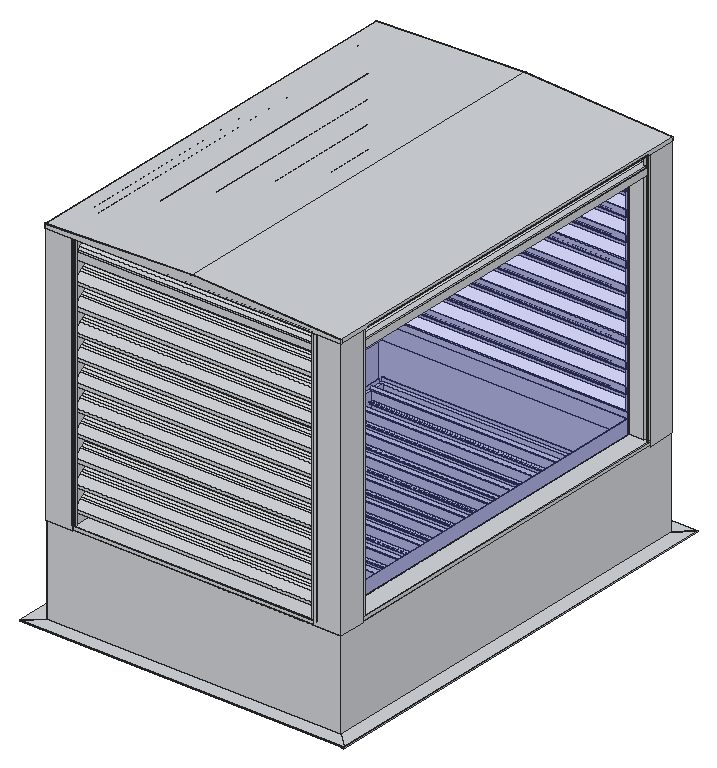
Revit family "PEL-4EV", category Mechanical Equipment, Revit 2015 (continued)
Definition of nested family "B Side with Glass(Recovery)"
  Automatic sketch dimensions
    Extrusion 3 sketch curve to plane 9 = 0' - 0.081"  (x2)
    Extrusion 3 sketch curve to Extrusion 3 sketch curve = 0' - 2.8"
    Extrusion 4 sketch curve to plane 6 = 0' - 2.84428"
    Extrusion 4 sketch curve to plane 1 "Center (Front/Back)" = 0' - 0.13263"
    Extrusion 4 sketch curve to Extrusion 4 sketch curve = 0' - 0.08082"
    Extrusion 4 sketch curve to Extrusion 4 sketch curve = 0' - 0"  (x3)
    Extrusion 4 sketch curve to Extrusion 4 sketch curve = 0' - 0.081"  (x10)
    Extrusion 4 sketch curve to Extrusion 4 sketch curve = 0' - 0.03198"  (x2)
    Extrusion 4 sketch curve to Extrusion 4 sketch curve = 0' - 0.05689"
    Extrusion 4 sketch curve to Extrusion 4 sketch curve = 0' - 0.08014"
    Extrusion 4 sketch curve to Extrusion 4 sketch curve = 0' - 0.219"
    Extrusion 4 sketch curve to Extrusion 4 sketch curve = 0' - 0.062"
    Extrusion 4 sketch curve to Extrusion 4 sketch curve = 0' - 0.05581"  (x2)
    Extrusion 4 sketch curve to Extrusion 4 sketch curve = 0' - 0.55071"
    Extrusion 4 sketch curve to Extrusion 4 sketch curve = 0' - 0.60196"
    Extrusion 4 sketch curve to plane 6 = 0' - 1.28267"
    Extrusion 4 sketch curve to Extrusion 4 sketch curve = 0' - 0.05657"  (x2)
    Extrusion 4 sketch curve to plane 6 = 0' - 2.27257"
    Extrusion 4 sketch curve to Extrusion 4 sketch curve = 0' - 0.36847"
    Extrusion 4 sketch curve to plane 6 = 0' - 2.33733"
    Extrusion 4 sketch curve to Extrusion 4 sketch curve = 0' - 0.05432"
    Extrusion 4 sketch curve to plane 6 = 0' - 2.23804"
    Extrusion 4 sketch curve to Extrusion 4 sketch curve = 0' - 0.14837"
    Extrusion 4 sketch curve to plane 6 = 0' - 2.00337"
    Extrusion 4 sketch curve to Extrusion 4 sketch curve = 0' - 0.36319"
    Extrusion 4 sketch curve to plane 6 = 0' - 1.47813"
    Extrusion 4 sketch curve to Extrusion 4 sketch curve = 0' - 0.66366"
    Extrusion 4 sketch curve to plane 6 = 0' - 1.53604"
    Extrusion 4 sketch curve to Extrusion 4 sketch curve = 0' - 0.05962"
    Extrusion 4 sketch curve to Extrusion 4 sketch curve = 0' - 0.83219"
    Extrusion 4 sketch curve to Extrusion 4 sketch curve = 0' - 0.11207"
    Extrusion 4 sketch curve to Extrusion 4 sketch curve = 0' - 0.48673"
    Extrusion 4 sketch curve to Extrusion 4 sketch curve = 0' - 0.107"
    Extrusion 4 sketch curve to Extrusion 4 sketch curve = 0' - 0.10997"
    Extrusion 4 sketch curve to Extrusion 4 sketch curve = 0' - 0.0243"
    Extrusion 4 sketch curve to Extrusion 4 sketch curve = 0' - 0.52766"
    Extrusion 4 sketch curve to Extrusion 4 sketch curve = 0' - 0.04177"
    Extrusion 4 sketch curve to Extrusion 4 sketch curve = 0' - 0.39203"
    Extrusion 4 sketch curve to Extrusion 4 sketch curve = 0' - 0.09943"
    Extrusion 4 sketch curve to Extrusion 4 sketch curve = 0' - 0.18404"
    Extrusion 4 sketch curve to Extrusion 4 sketch curve = 0' - 0.01691"
    Extrusion 4 sketch curve to Extrusion 4 sketch curve = 0' - 0.25086"
    Extrusion 4 sketch curve to Extrusion 4 sketch curve = 0' - 0 1/4"
    Extrusion 4 sketch curve to Extrusion 4 sketch curve = 0' - 0.18702"
    Extrusion 4 sketch curve to Extrusion 4 sketch curve = 0' - 0.088"  (x2)
    Extrusion 4 sketch curve to Extrusion 4 sketch curve = 0' - 0.463"
    Extrusion 4 sketch curve to Extrusion 4 sketch curve = 0' - 0.075"
    Extrusion 4 sketch curve to Extrusion 4 sketch curve = 0' - 0.08116"
Definition of nested family "Roof"
  Parameters (values of type "Roof")
    B = 6' - 0"
    A = 7' - 0"
  Reference planes (in)
    plane 1 "Center (Front/Back)": y = 0
    plane 2: z = 0
    plane 3 "Center (Left/Right)": x = 0
    plane 4: x = -42
    plane 5: x = 42
    plane 6: y = -36
    plane 7: y = 36
    plane 8: z = 0.5
    plane 9: z = 2
    plane 10: y = -36.05
    plane 11: y = 36.05
    plane 12: x = -42.05
    plane 13: x = 42.05
  Forms (in)
    Extrusion 1, solid
      sketch origin (0, 0, 0) x (-1, 0, 0) y (0, 0, -1)
        loop
          line (42, 0) -> (42, -0.75115) -> (0, -1.94916) -> (-42, -0.75115) -> (-42, 0) -> (-42.05078, 0) -> (-42.05078, -0.79946) -> (0, -2) -> (42.05078, -0.79946) -> (42.05078, 0) -> (42, 0)
      from -36.05 to 36.05
    Extrusion 2, solid
      sketch origin (0, 0, 0) x (1, 0, 0) y (0, 0, 1)
        loop
          line (42, 0) -> (42.05078, 0) -> (42.05078, 0.79946) -> (0, 2) -> (-42.05078, 0.79946) -> (-42.05078, 0) -> (-42, 0) -> (42, 0)
      from -36.05 to -36
    Extrusion 3, solid
      sketch origin (0, 0, 0) x (1, 0, 0) y (0, 0, -1)
        loop
          line (42, 0) -> (-42, 0) -> (-42.05078, 0) -> (-42.05078, -0.79946) -> (0, -2) -> (42.05078, -0.79946) -> (42.05078, 0) -> (42, 0)
      from -36 to -36.05
  Dimensions and locks (in)
    equal spacing: plane 4, plane 3 "Center (Left/Right)", plane 5
    "A": plane 4 to plane 5
    equal spacing: plane 7, plane 1 "Center (Front/Back)", plane 6
    "B": plane 7 to plane 6
    locked: plane 8 to level at 0.5
    locked: plane 9 to plane 8 at 1.5
    locked: plane 10 to plane 6 at 0.05
    locked: plane 11 to plane 7 at 0.05
    locked: plane 12 to plane 4 at 0.05
    locked: plane 5 to plane 13 at 0.05
    aligned and locked: level to plane 2
    aligned and locked: plane 10 to Extrusion 1
    aligned and locked: Extrusion 1 to plane 11
    aligned and locked: Extrusion 2 to plane 11
    aligned and locked: Extrusion 2 to plane 7
    aligned and locked: plane 10 to Extrusion 3
    aligned and locked: plane 6 to Extrusion 3
  Automatic sketch dimensions
    Extrusion 1 sketch curve to level = 0' - 0"  (x2)
    Extrusion 1 sketch curve to plane 5 = 0' - 0"
    Extrusion 1 sketch curve to plane 3 "Center (Left/Right)" = 0' - 0"  (x2)
    Extrusion 1 sketch curve to plane 4 = 0' - 0"
    Extrusion 1 sketch curve to plane 9 = 0' - 0"
    Extrusion 1 sketch curve to plane 13 = 0' - 0.00078"
    Extrusion 1 sketch curve to plane 12 = 0' - 0.00078"
    Extrusion 1 sketch curve to Extrusion 1 sketch curve = 0' - 0.05084"
    plane 8 to Extrusion 1 sketch curve = 0' - 0.29946"  (x2)
    Extrusion 1 sketch curve to Extrusion 1 sketch curve = 0' - 0.04831"  (x2)
    Extrusion 2 sketch curve to level = 0' - 0"
    Extrusion 2 sketch curve to plane 4 = 0' - 0"
    Extrusion 2 sketch curve to plane 3 "Center (Left/Right)" = 0' - 0"
    Extrusion 2 sketch curve to plane 5 = 0' - 0"
    Extrusion 2 sketch curve to plane 9 = 0' - 0"
    Extrusion 2 sketch curve to plane 12 = 0' - 0.00078"
    Extrusion 2 sketch curve to plane 13 = 0' - 0.00078"
    plane 8 to Extrusion 2 sketch curve = 0' - 0.29946"  (x2)
    Extrusion 3 sketch curve to level = 0' - 0"
    Extrusion 3 sketch curve to plane 4 = 0' - 0"
    Extrusion 3 sketch curve to plane 3 "Center (Left/Right)" = 0' - 0"
    Extrusion 3 sketch curve to plane 5 = 0' - 0"
    Extrusion 3 sketch curve to plane 9 = 0' - 0"
    Extrusion 3 sketch curve to plane 12 = 0' - 0.00078"
    Extrusion 3 sketch curve to plane 13 = 0' - 0.00078"
    plane 8 to Extrusion 3 sketch curve = 0' - 0.29946"  (x2)
